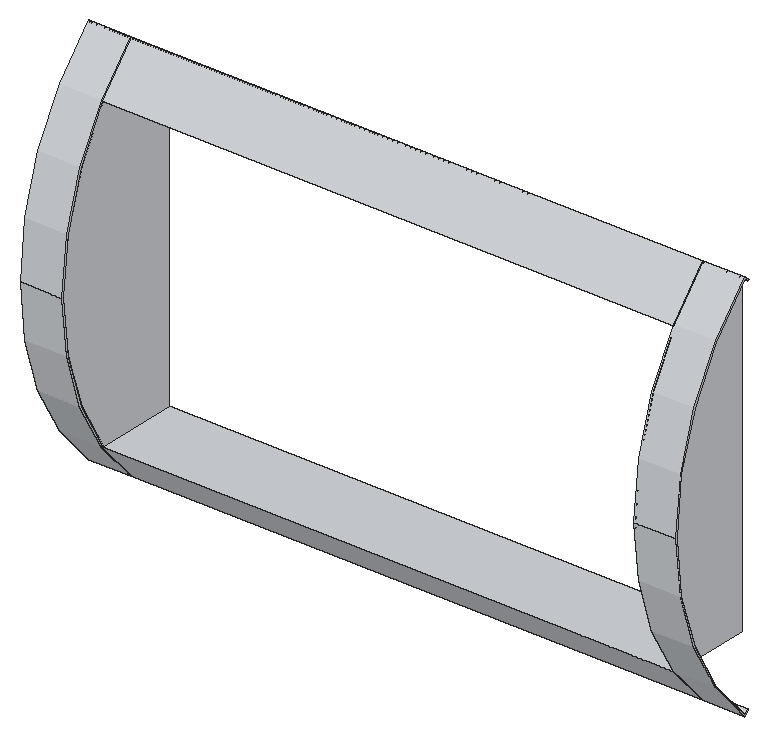
Revit family "ECO20_18X10_16in_dia", category Air Terminals, Revit 2016
Family settings
  Part Type = Normal
  Round Connector Dimension = Use Diameter
  Work Plane-Based = No
  Always vertical = Yes
  Cut with Voids When Loaded = No
  Shared = No
  Room Calculation Point = No
Parameters
  URL = "http://www.anemostat.com"
  Opposed Blade Damper = no
  Model = "S Series Grille with OBD"
  Manufacturer = "Anemostat"
  Overall Width = Grille Width User Defined + 1 13/16"  # 13 13/16"
  Overall Height = Grille Height User Defined + 1 13/16"  # 13 13/16"
  Grille Width User Defined = 12"
  Grille Height User Defined = 12"
  Back of Grille = 1 7/16"
Reference planes (in)
  plane 1 "Center (Front/Back)": y = 0
  plane 2: z = 0
  plane 3 "Center (Left/Right)": x = 0
  plane 4: x = -9.78125
  plane 5 "Grille Width Right": x = 9.78125
  plane 6: z = 11.75
  plane 7: z = 5.875
  plane 8: x = -8.53125
  plane 9 "End Plate Right": x = 8.53125
  plane 10: z = 10.5
  plane 11: z = 1.25
  plane 12: y = -2.5
  plane 13: z = 10.533
  plane 14: z = 1.217
Forms (in)
  Extrusion 1, solid
    sketch origin (8.53125, 0, 0) x (0, 0, 1) y (0, -1, 0)
      loop
        arc (11.75, 1.4034) -> (11.15361, 1.98479) -> (10.5, 2.50103) r 8
        line (10.5, 2.50103) -> (10.5, 0) -> (10.533, 0) -> (10.533, 2.43689)
        arc (10.533, 2.43689) -> (11.14395, 1.94933) -> (11.70419, 1.40425) r 7.967
        line (11.70419, 1.40425) -> (11.59408, 1.29415) -> (11.61742, 1.27082) -> (11.75, 1.4034)
      loop
        line (0, 1.4034) -> (0.13258, 1.27082) -> (0.15592, 1.29415) -> (0.04581, 1.40425)
        arc (0.04581, 1.40425) -> (0.60605, 1.94933) -> (1.217, 2.43689) r 7.967
        line (1.217, 2.43689) -> (1.217, 0) -> (1.25, 0) -> (1.25, 2.50103)
        arc (1.25, 2.50103) -> (0.59639, 1.98479) -> (0, 1.4034) r 8
    from 0 to -17.0625
  Extrusion 2, solid
    sketch origin (8.53125, -1.5, 0) x (0, 0, 1) y (0, -1, 0)
      loop
        arc (11.75, -0.0966) -> (9.08127, 1.80283) -> (5.875, 2.47345) r 8
        arc (5.875, 2.47345) -> (2.66873, 1.80283) -> (0, -0.0966) r 8
        line (0, -0.0966) -> (0.13258, -0.22918) -> (0.15592, -0.20585) -> (0.04581, -0.09575)
        arc (0.04581, -0.09575) -> (2.69649, 1.77894) -> (5.875, 2.44045) r 7.967
        arc (5.875, 2.44045) -> (9.05351, 1.77894) -> (11.70419, -0.09575) r 7.967
        line (11.70419, -0.09575) -> (11.59408, -0.20585) -> (11.61742, -0.22918) -> (11.75, -0.0966)
    from 0 to 1.25
  Extrusion 3, solid
    sketch origin (-9.78125, -1.5, 0) x (0, 0, 1) y (0, -1, 0)
      loop
        arc (11.75, -0.0966) -> (9.08127, 1.80283) -> (5.875, 2.47345) r 8
        arc (5.875, 2.47345) -> (2.66873, 1.80283) -> (0, -0.0966) r 8
        line (0, -0.0966) -> (0.13258, -0.22918) -> (0.15592, -0.20585) -> (0.04581, -0.09575)
        arc (0.04581, -0.09575) -> (2.69649, 1.77894) -> (5.875, 2.44045) r 7.967
        arc (5.875, 2.44045) -> (9.05351, 1.77894) -> (11.70419, -0.09575) r 7.967
        line (11.70419, -0.09575) -> (11.59408, -0.20585) -> (11.61742, -0.22918) -> (11.75, -0.0966)
    from 0 to 1.25
  Extrusion 4, solid
    sketch origin (8.53125, 0, 0) x (0, 0, 1) y (0, -1, 0)
      loop
        arc (10.533, 2.43689) -> (5.875, 3.94045) -> (1.217, 2.43689) r 7.967
        line (1.217, 2.43689) -> (1.217, 0) -> (10.533, 0) -> (10.533, 2.43689)
    from 0 to 0.03125
  Extrusion 5, solid
    sketch origin (-8.5625, 0, 0) x (0, 0, 1) y (0, -1, 0)
      loop
        arc (10.533, 2.43689) -> (5.875, 3.94045) -> (1.217, 2.43689) r 7.967
        line (1.217, 2.43689) -> (1.217, 0) -> (10.533, 0) -> (10.533, 2.43689)
    from 0 to 0.03125
Dimensions and locks (in)
  equal spacing: plane 6, plane 7, level
  locked: plane 6 to level at 11.75
  plane 4 to plane 3 "Center (Left/Right)" = 9 25/32"
  equal spacing: plane 5 "Grille Width Right", plane 3 "Center (Left/Right)", plane 4
  plane 5 "Grille Width Right" to plane 4 = 19 9/16"
Automatic sketch dimensions
  Extrusion 1 sketch curve to Extrusion 1 sketch curve = 0"  (x12)
  Extrusion 1 sketch curve to level = 0"
  plane 14 to Extrusion 1 sketch curve = 0"
  Extrusion 1 sketch curve to plane 1 "Center (Front/Back)" = 0"  (x2)
  Extrusion 1 sketch curve to plane 11 = 0"
  Extrusion 1 sketch curve to plane 7 = 0"
  Extrusion 1 sketch curve to plane 10 = 0"
  Extrusion 1 sketch curve to plane 13 = 0"
  Extrusion 1 sketch curve to plane 6 = 0"
  level to Extrusion 1 sketch curve = 0.04581"
  level to Extrusion 1 sketch curve = 0.13258"
  Extrusion 1 sketch curve to Extrusion 1 sketch curve = 0.02333"  (x4)
  Extrusion 1 sketch curve to plane 6 = 0.15592"
  Extrusion 1 sketch curve to plane 6 = 0.04581"
  Extrusion 1 sketch curve to plane 1 "Center (Front/Back)" = 4.02655"
  plane 1 "Center (Front/Back)" to Extrusion 1 sketch curve = 1.27082"  (x2)
  Extrusion 2 sketch curve to Extrusion 2 sketch curve = 0"  (x4)
  Extrusion 2 sketch curve to level = 0"
  Extrusion 2 sketch curve to plane 7 = 0"
  Extrusion 2 sketch curve to plane 6 = 0"
  level to Extrusion 2 sketch curve = 0.04581"
  level to Extrusion 2 sketch curve = 0.13258"
  Extrusion 2 sketch curve to Extrusion 2 sketch curve = 0.02333"  (x3)
  Extrusion 2 sketch curve to plane 6 = 0.15592"
  Extrusion 2 sketch curve to plane 6 = 0.04581"
  Extrusion 2 sketch curve to plane 1 "Center (Front/Back)" = 4.02655"
  plane 12 to Extrusion 2 sketch curve = 1.22918"
  Extrusion 3 sketch curve to Extrusion 3 sketch curve = 0"  (x12)
  Extrusion 3 sketch curve to level = 0"
  Extrusion 3 sketch curve to plane 7 = 0"
  Extrusion 3 sketch curve to plane 6 = 0"
  level to Extrusion 3 sketch curve = 0.04581"
  level to Extrusion 3 sketch curve = 0.13258"
  Extrusion 3 sketch curve to Extrusion 3 sketch curve = 0.02333"  (x3)
  Extrusion 3 sketch curve to plane 6 = 0.15592"
  Extrusion 3 sketch curve to plane 6 = 0.04581"
  Extrusion 3 sketch curve to plane 1 "Center (Front/Back)" = 4.02655"
  plane 1 "Center (Front/Back)" to Extrusion 3 sketch curve = 1.27082"
  Extrusion 4 sketch curve to plane 1 "Center (Front/Back)" = 0"
  Extrusion 4 sketch curve to plane 7 = 0"
  Extrusion 4 sketch curve to plane 11 = 0.033"
  plane 10 to Extrusion 4 sketch curve = 0.033"
  Extrusion 4 sketch curve to plane 1 "Center (Front/Back)" = 4.02655"
  plane 12 to Extrusion 4 sketch curve = 0.06311"
  Extrusion 5 sketch curve to plane 1 "Center (Front/Back)" = 0"
  Extrusion 5 sketch curve to plane 7 = 0"
  Extrusion 5 sketch curve to plane 11 = 0.033"
  plane 10 to Extrusion 5 sketch curve = 0.033"
  Extrusion 5 sketch curve to plane 1 "Center (Front/Back)" = 4.02655"
  plane 12 to Extrusion 5 sketch curve = 0.06311"
